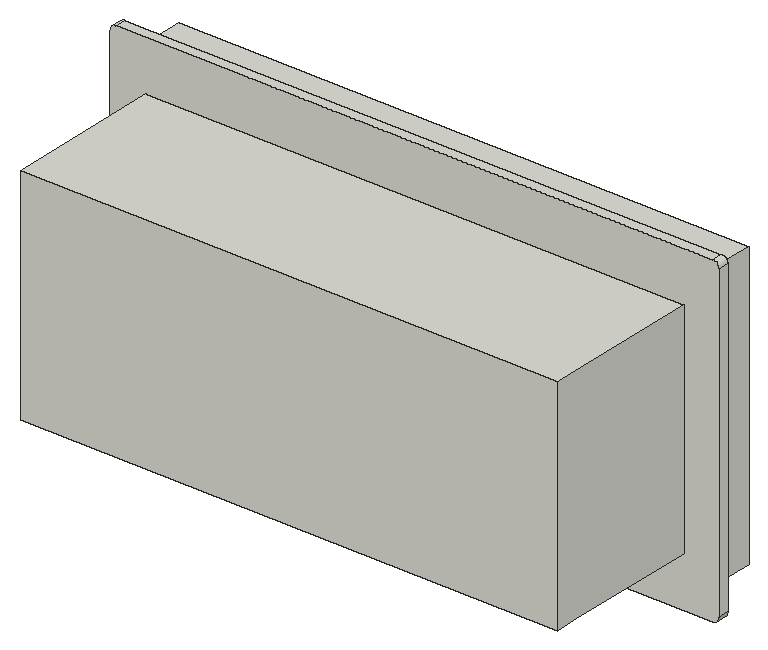
Revit family "Electrical-Box_FSR_WBPS", category Electrical Fixtures, host Wall, Revit 2026
Family settings
  Host = Wall
  Round Connector Dimension = Use Diameter
  Part Type = Normal
  Classification Number = 23.85.10.17.11
  Always vertical = Yes
  Cut with Voids When Loaded = No
  Maintain Annotation Orientation = No
  Shared = No
  Room Calculation Point = No
Parameters (values of type "WB-PS5G")
  Window Width = 9.686"
  Warranty Duration (Years) = 0
  URL = "http://www.fsrinc.com/"
  Trim Material = Material and Finish as Specified in 26 27 26
  Send Message = ""
  Keynote = "26 27 26"
  Glazing = Translucent Plastic
  Test Data = "ftp://doclib.fsrinc.com/"
  Specification = "http://www.arcat.com/specwizard/clients/fsrinc.html?coid=40389"
  Sales Information = "http://www.fsrinc.com/salesContacts.htm"
  Product Properties = ""
  Product Data = "http://www.arcat.com/arcatcos/cos40/arc40389.html"
  Model = "As Specified in 26 27 26"
  Full Width = 11.62"
  Full Height = 6.19"
  Description = "Electrical Box as Specified in 26 27 26"
  Default Elevation = 0"
  Cover Material = Material and Finish as Specified in 26 27 26
  Manufacturer Website = "http://www.fsrinc.com/"
  Manufacturer Phone - Toll Free = "800-332-3771"
  Manufacturer Phone = "973-785-4347"
  Manufacturer Fax = "973-785-4207"
  Manufacturer Address = "244 Bergen Blvd; West Paterson; NJ 07424"
  Manufacturer = "FSR Inc."
  Maintenance Schedule (Months) = 0
  Installation-Fabrication = "ftp://doclib.fsrinc.com/"
  Installation Phase = ""
  Gross Width = 10 1/4"
  Gross Projection = 1 41/256"
  Gross Height = 4 1/4"
  Gross Depth = 3"
  Green Building-LEED = "http://www.arcat.com/green/clients04/leed_data_40389.html"
  Expected Lifespan (Years) = 0
  Drawn By = "Robert S. Weygant, CSI, CDT, SCIP"  # constant formula
  Copyright = "2009, ARCAT, Inc."  # constant formula
  Construction Details = "ftp://doclib.fsrinc.com/"
  Connections = ""
  Building Codes = "ftp://doclib.fsrinc.com/"
  Body Material = Material and Finish as Specified in 26 27 26
  Assembly Code = "D5020100"
Types (4): name | Window Width | Full Width | Gross Width
  WB-PS5G | 9.686" | 11.62" | 10 1/4"
  WB-PS4G | 7.874" | 9.81" | 8 1/4"
  WB-PS3G | 6.06" | 8" | 6 1/4"
  WB-PS2G | 4 1/4" | 6.19" | 4 1/4"
Reference planes (in)
  plane 1: y = 0
  plane 2 "Center (Left/Right)": x = 0.0468
  plane 3 "Wall Edge": y = 3
  plane 4 "Top": z = 82.67717
  plane 5: z = 78.42717
  plane 6 "Left": x = 5.1718
  plane 7 "Right": x = -5.0782
  plane 8: z = 80.55217
  plane 9: y = 4.16016
  plane 10: y = 3
  plane 11: x = 5.8568
  plane 12: x = -5.7632
  plane 13: z = 83.64717
  plane 14: z = 77.45717
  plane 15: x = 4.8898
  plane 16: x = -4.7962
Forms (in)
  Extrusion 1, void
    sketch origin (0, 3, 0) x (1, 0, 0) y (0, 0, 1)
      loop
        line (5.1718, 82.67717) -> (-5.0782, 82.67717) -> (-5.0782, 78.42717) -> (5.1718, 78.42717) -> (5.1718, 82.67717)
    from 0 to 3 <- "Gross Depth"
  Extrusion 2, solid, material "Material and Finish as Specified in 26 27 26" <- "Body Material"
    sketch origin (0, 3, 0) x (1, 0, 0) y (0, 0, 1)
      loop
        line (5.1718, 82.67717) -> (-5.0782, 82.67717) -> (-5.0782, 78.42717) -> (5.1718, 78.42717) -> (5.1718, 82.67717)
      loop
        line (-4.8282, 82.42717) -> (-4.8282, 78.67717) -> (4.9218, 78.67717) -> (4.9218, 82.42717) -> (-4.8282, 82.42717)
    from 0 to 3 <- "Gross Depth"
  Extrusion 3, solid, material "Material and Finish as Specified in 26 27 26" <- "Body Material"
    sketch origin (0, 1.22835, 0) x (1, 0, 0) y (0, 0, 1)
      loop
        line (5.1718, 82.67717) -> (-5.0782, 82.67717) -> (-5.0782, 78.42717) -> (5.1718, 78.42717) -> (5.1718, 82.67717)
    from 0.83465 to 1.22835
  Extrusion 4, solid, material "Material and Finish as Specified in 26 27 26" <- "Trim Material"
    sketch origin (0, 3, 0) x (1, 0, 0) y (0, 0, 1)
      loop
        line (5.7318, 83.64717) -> (-5.6382, 83.64717)
        arc (-5.6382, 83.64717) -> (-5.72658, 83.61055) -> (-5.7632, 83.52217) r 0.125
        line (-5.7632, 83.52217) -> (-5.7632, 77.58217)
        arc (-5.7632, 77.58217) -> (-5.72658, 77.49378) -> (-5.6382, 77.45717) r 0.125
        line (-5.6382, 77.45717) -> (5.7318, 77.45717)
        arc (5.7318, 77.45717) -> (5.82019, 77.49378) -> (5.8568, 77.58217) r 0.125
        line (5.8568, 77.58217) -> (5.8568, 83.52217)
        arc (5.8568, 83.52217) -> (5.82019, 83.61055) -> (5.7318, 83.64717) r 0.125
    from 0 to -0.19685
  Extrusion 5, solid, material "Material and Finish as Specified in 26 27 26" <- "Cover Material"
    sketch origin (0, 3, 0) x (1, 0, 0) y (0, 0, 1)
      loop
        line (5.4818, 83.27217) -> (-5.3882, 83.27217) -> (-5.3882, 77.83217) -> (5.4818, 77.83217) -> (5.4818, 83.27217)
      loop
        line (5.2318, 83.02217) -> (-5.1382, 83.02217) -> (-5.1382, 78.08217) -> (5.2318, 78.08217) -> (5.2318, 83.02217)
    from -0.19685 to -1.16016
  Extrusion 6, solid, material "Material and Finish as Specified in 26 27 26" <- "Trim Material"
    sketch origin (0, 4.16016, -12) x (0, 0, -1) y (-1, 0, 0)
      loop
        circle (-90.2334, -0.0468) r 0.2637
    from 0 to 0.125
  Extrusion 7, solid, material "Material and Finish as Specified in 26 27 26" <- "Cover Material"
    sketch origin (0, 4.16016, -12) x (0, 0, -1) y (-1, 0, 0)
      loop
        line (-95.27217, -5.4818) -> (-89.83217, -5.4818) -> (-89.83217, 5.3882) -> (-95.27217, 5.3882) -> (-95.27217, -5.4818)
      loop
        arc (-90.98877, -4.8898) -> (-90.85618, -4.83489) -> (-90.80127, -4.7023) r 0.1875
        line (-90.80127, -4.7023) -> (-90.80127, 4.60895)
        arc (-90.80127, 4.60895) -> (-90.85611, 4.74135) -> (-90.98852, 4.7962) r 0.18725
        line (-90.98852, 4.7962) -> (-94.11557, 4.7962)
        arc (-94.11557, 4.7962) -> (-94.24815, 4.74128) -> (-94.30307, 4.6087) r 0.1875
        line (-94.30307, 4.6087) -> (-94.30307, -4.7023)
        arc (-94.30307, -4.7023) -> (-94.24815, -4.83489) -> (-94.11557, -4.8898) r 0.1875
        line (-94.11557, -4.8898) -> (-90.98877, -4.8898)
    from 0 to -0.19531
  Extrusion 8, solid
    sketch origin (0, 3, 0) x (1, 0, 0) y (0, 0, 1)
      loop
        line (-4.5452, 82.03617) -> (-4.5452, 79.06817) -> (4.6388, 79.06817) -> (4.6388, 82.03617) -> (-4.5452, 82.03617)
    from -0.19685 to -0.26901
  Extrusion 9, solid, material "Translucent Plastic" <- "Glazing"
    sketch origin (0, 4.16016, -12) x (0, 0, -1) y (-1, 0, 0)
      loop
        line (-94.11557, -4.8898) -> (-90.98852, -4.8898)
        arc (-90.98852, -4.8898) -> (-90.85611, -4.83496) -> (-90.80127, -4.70255) r 0.18725
        line (-90.80127, -4.70255) -> (-90.80127, 4.6087)
        arc (-90.80127, 4.6087) -> (-90.85618, 4.74128) -> (-90.98877, 4.7962) r 0.1875
        line (-90.98877, 4.7962) -> (-94.11557, 4.7962)
        arc (-94.11557, 4.7962) -> (-94.24815, 4.74128) -> (-94.30307, 4.6087) r 0.1875
        line (-94.30307, 4.6087) -> (-94.30307, -4.7023)
        arc (-94.30307, -4.7023) -> (-94.24815, -4.83489) -> (-94.11557, -4.8898) r 0.1875
    from -0.0625 to -0.1875
Cuts and joins
  joined: Extrusion 2, Extrusion 3
  joined: Extrusion 5, Extrusion 7
Text (in)
  text "Interior" at (0, 40.15149, 123.01588), in view "A 203 - Side Elevation"
  text "Interior" at (-70.3804, 41.28885, 0), in view "A-101 Plan View"
  text "Interior" at (0, 81.62555, 140.59947), in view "Left"
  text "Exterior" at (-70.3804, -27.04218, 0), in view "A-101 Plan View"
  text "Exterior" at (0, -34.75086, 140.59947), in view "Left"
  text "Exterior" at (0, -52.24725, 123.01588), in view "A 203 - Side Elevation"
Dimensions and locks (in)
  locked: plane 3 "Wall Edge" to host wall
  equal spacing: plane 5, plane 8, plane 4 "Top"
  equal spacing: plane 7 "Right", plane 2 "Center (Left/Right)", plane 6 "Left"
  "Gross Width": plane 7 "Right" to plane 6 "Left"
  "Gross Height": plane 5 to plane 4 "Top"
  "Gross Projection": plane 9 to plane 10
  locked: Extrusion 3 to Extrusion 3 at 0.3937
  equal spacing: plane 12, plane 2 "Center (Left/Right)", plane 11
  "Full Width": plane 12 to plane 11
  equal spacing: plane 14, plane 8, plane 13
  "Full Height": plane 14 to plane 13
  plane 12 to Extrusion 5 sketch curve to Extrusion 5 sketch curve = 3/8" locked, 1/4" locked
  Extrusion 5 sketch curve to Extrusion 5 sketch curve to plane 11 = 1/4" locked, 3/8" locked
  Extrusion 5 sketch curve to Extrusion 5 sketch curve to plane 13 = 1/4" locked, 3/8" locked
  plane 14 to Extrusion 5 sketch curve to Extrusion 5 sketch curve = 3/8" locked, 1/4" locked
  locked: plane 12 to Extrusion 7 sketch curve at 0.375
  locked: Extrusion 7 sketch curve to plane 11 at 0.375
  Extrusion 7 sketch curve to Extrusion 7 sketch curve to plane 13 = 0.9691" locked, 3/8" locked
  plane 14 to Extrusion 7 sketch curve to Extrusion 7 sketch curve = 3/8" locked, 0.9691" locked
  equal spacing: plane 16, plane 2 "Center (Left/Right)", plane 15
  "Window Width": plane 16 to plane 15
  locked: Extrusion 9 sketch curve to plane 13 at 1.3441
  locked: plane 14 to Extrusion 9 sketch curve at 1.3441
  locked: plane 14 to Extrusion 7 sketch curve at 1.53135
  locked: plane 14 to Extrusion 9 sketch curve at 1.5316
  locked: plane 14 to Extrusion 6 sketch curve at 0.77623
  aligned and locked: plane 3 "Wall Edge" to plane 10
  aligned and locked: plane 6 "Left" to Extrusion 1 sketch curve
  aligned and locked: plane 4 "Top" to Extrusion 1 sketch curve
  aligned and locked: plane 5 to Extrusion 1 sketch curve
  aligned and locked: Extrusion 1 sketch curve to plane 7 "Right"
  aligned and locked: plane 6 "Left" to Extrusion 2 sketch curve
  aligned and locked: plane 4 "Top" to Extrusion 2 sketch curve
  aligned and locked: plane 5 to Extrusion 2 sketch curve
  aligned and locked: Extrusion 2 sketch curve to plane 7 "Right"
  aligned and locked: Extrusion 3 sketch curve to Extrusion 2  (x3)
  aligned and locked: Extrusion 2 to Extrusion 3 sketch curve
  aligned and locked: Extrusion 3 to Extrusion 2
  aligned and locked: plane 2 "Center (Left/Right)" to Extrusion 6 sketch curve
  aligned and locked: Extrusion 8 to Extrusion 4
  aligned and locked: plane 9 to Extrusion 5
  aligned and locked: Extrusion 7 sketch curve to plane 16
  aligned and locked: plane 15 to Extrusion 7 sketch curve
Automatic sketch dimensions
  plane 7 "Right" to Extrusion 2 sketch curve = 1/4"
  plane 6 "Left" to Extrusion 2 sketch curve = 1/4"
  plane 5 to Extrusion 2 sketch curve = 1/4"
  Extrusion 2 sketch curve to plane 4 "Top" = 1/4"
  Extrusion 7 sketch curve to Extrusion 7 sketch curve = 3/16"  (x3)
  plane 7 "Right" to Extrusion 8 sketch curve = 0.533"
  plane 6 "Left" to Extrusion 8 sketch curve = 0.533"
  plane 5 to Extrusion 8 sketch curve = 0.641"
  Extrusion 8 sketch curve to plane 4 "Top" = 0.641"
  Extrusion 4 sketch curve to plane 12 = 0"
  Extrusion 4 sketch curve to plane 14 = 0"
  Extrusion 4 sketch curve to plane 13 = 0"
  Extrusion 4 sketch curve to plane 11 = 0"
  Extrusion 4 sketch curve to plane 12 = 1/8"
  Extrusion 4 sketch curve to Extrusion 4 sketch curve = 1/8"
  plane 11 to Extrusion 4 sketch curve = 1/8"  (x2)
  Extrusion 9 sketch curve to plane 15 = 0"
  Extrusion 9 sketch curve to plane 16 = 0"
  Extrusion 9 sketch curve to plane 16 = 3/16"
  Extrusion 9 sketch curve to Extrusion 9 sketch curve = 3/16"
  Extrusion 9 sketch curve to Extrusion 9 sketch curve = 0.18725"
  radius of Extrusion 6 sketch curve = 0.2637"
